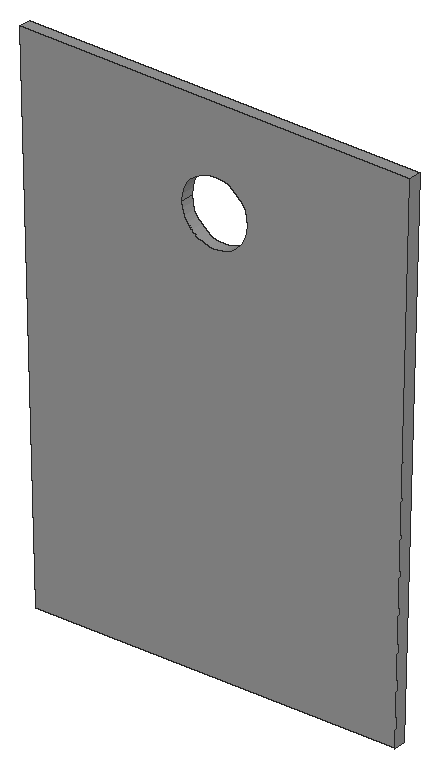
Revit family "ABR9020Z", category Structural Connections, Revit 2016
Family settings
  Material for Model Behavior = Steel
  OmniClass Number = 23.20.40.11.24.14
  OmniClass Title = Wood Connectors
  Work Plane-Based = Yes
  Enable cutting in views = No
  Always vertical = No
  Cut with Voids When Loaded = No
  Shared = No
Parameters
  UniClass Title = "Bracketed angle supports"  # constant formula
  UniClass Number = "Pr_20_85_09_09"  # constant formula
  URL = "www.strongtie.eu"
  Technical datasheet = "https://www.strongtie.eu/eu-EU/technical-data-sheets"
  Reference = "ABR9020Z"  # constant formula
  Provide Feedback = "mailto:EUdrawings@strongtie.com"
  Product Type = "Angle brackets"  # constant formula
  Product Material = Zpro®
  ObjectType = Model  # "ABR9020Z"
  Name = Model  # "ABR9020Z"
  Model ID = "0015561648729091871746488462153712134691"  # constant formula
  Model Disclaimer = "Contact Simpson Strong-Tie Company  for more information"  # constant formula
  Model = "ABR9020Z"  # constant formula
  Manufacturer = "Simpson Strong-Tie"  # constant formula
  ETA / DoP = "https://www.strongtie.eu/eu-EU/cemarking"
  EPD = "https://www.strongtie.eu/eu-EU/EPD"
  Description = Product Type  # "Angle brackets"
  Density = 0.168 kg  # constant formula
  Default Elevation = 0 mm
  Copyright = "©Simpson Strong-Tie"  # constant formula
Reference planes
  plane 1 "Center (Front/Back)": y = 0
  plane 2: z = 0
  plane 3 "Center (Left/Right)": x = 0
Forms (mm)
  Extrusion 1, solid, material "Zpro®" <- "Product Material", detail levels medium+fine
    sketch origin (0, 0, 0) x (1, 0, 0) y (0, 0, 1)
      loop
        line (32.55, 88) -> (-32.55, 88)
        arc (-32.55, 88) -> (-31.744, 44.985) -> (-29.94, 2) r 1852.565
        line (-29.94, 2) -> (29.94, 2)
        arc (29.94, 2) -> (31.744, 44.985) -> (32.55, 88) r 1852.565
      loop
        circle (0, 71.472) r 5.493
    from 0 to 2
Dimensions and locks
  aligned and locked: level to plane 2
